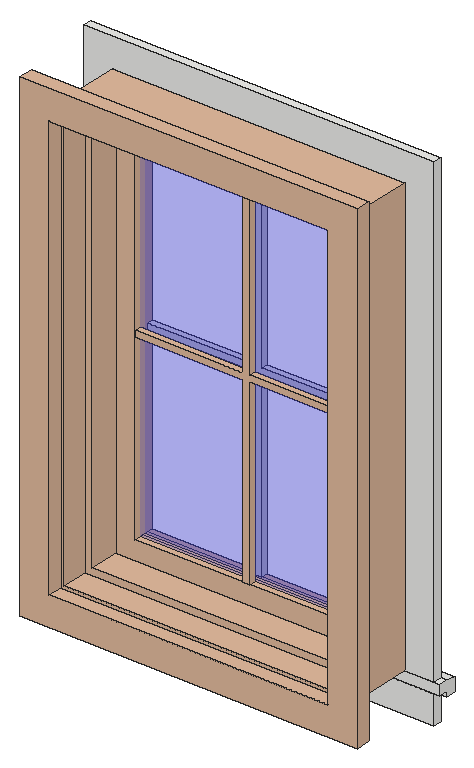
Revit family "M_Janela-batente-simples_esquerda", category Janelas, Revit 2019
Family settings
  Hospedeiro = Parede
  Número OmniClass = 23.30.20.17.21.14
  Título OmniClass = Casement Windows
  Sempre na vertical = Sim
  Corte com vazios quando carregada = Não
  Compartilhado = Não
  Ponto de cálculo do ambiente = Não
Parameters (values of type "600 x 900mm")
  Janela aplicada [instance] = 0 mm
  Espessura da parede [instance] = 150 mm
  Visual Light Transmittance = 0.81
  Resistência térmica (R) = 0.319569 (m²·K)/W
  Solar Heat Gain Coefficient = 0.76
  Largura bruta = Largura + 15 mm  # 615 mm
  Altura bruta = Altura + 15 mm  # 915 mm
  Visibilidade do montante = yes
  Padrão do montante = M_Padrão do montante_2x2 : M_Padrão do montante_2x2
  Fechamento da parede interior [instance] = 54.75 mm
  Visibilidade do recorte interior [instance] = yes
  Material da apara interior = Madeira – Manchada
  Recorte interior = M_Moldura-janela-interior-plana : Quadro
  Altura = 900 mm
  Material da moldura interior = Madeira – Manchada
  Coeficiente de transferência de calor (U) = 3.12929 W/(m²·K)
  Material do painel de vidro = Vidro
  Extensão do quadro [instance] = if(Visibilidade da apara externa, Janela aplicada + 6.35 mm, 6.35 mm)  # 6.35 mm
  Classificação de incêndio = "0.5h"
  Fechamento da parede externa [instance] = 31.75 mm
  Visibilidade da apara externa [instance] = yes
  Material da apara externa = Revestimento – Branco
  Apara externa = M_Recorte-Janela-Exterior-Plana : com peitoril
  Material da moldura exterior = Revestimento – Branco
  Visibilidade do umbral da extensão [instance] = and(Visibilidade do recorte interior, Espessura da parede - Janela aplicada > 95.25 mm)  # yes
  Umbral da extensão [instance] = if(Espessura da parede - Janela aplicada > 95.25 mm, Espessura da parede - Janela aplicada - 95.25 mm, 25.4 mm)  # 54.75 mm
  Altura-padrão do peitoril = 900 mm
  Fechamento da parede = Por hospedeiro
  Largura = 600 mm
  Código de montagem = "B2020100"
  Construção analítica = "Vidraça dupla – residencial"
Reference planes
  plane 1 "Centro (Frente/Trás)": y = 0
  plane 2: z = 0
  plane 3 "Centro (Esquerda/Direita)": x = 0
  plane 4 "Esquerda": x = -300
  plane 5 "Direita": x = 300
  plane 6 "Peitoril": z = 900
  plane 7 "Superior": z = 1800
  plane 8 "Inset Face": y = 75
  plane 9 "Fechamento da parede": y = -20.25
  plane 10 "Face do caixilho": y = 87.7
  plane 11 "Exterior": y = 75
  plane 12: x = 287.3
  plane 13: x = -287.3
  plane 14: z = 1787.3
  plane 15: z = 912.7
  plane 16: x = 230.15
  plane 17: x = -230.15
  plane 18: z = 1730.15
  plane 19: z = 969.85
  plane 20: y = 55.95
  plane 21 "Vidro": y = 65.475
  plane 22 "Meio": z = 1350
  plane 23: y = 94.05
  plane 24: y = 94.05
  plane 25 "Interior": y = -75
  plane 26 "Umbral": y = -20.25
  plane 27: y = -20.25
  plane 28: y = 43.25
  plane 29: y = 94.05
Forms (mm)
  Sweep 1, solid, material "Madeira – Manchada" <- "Material da moldura interior"
    path origin (0, 87.7, 0) x (-1, 0, 0) y (0, 0, 1)
      loop
        line (-300, 900) -> (300, 900) -> (300, 1800) -> (-300, 1800) -> (-300, 900)
    profile origin (300, 87.7, 1350) x (1, 0, 0) y (0, 1, 0)
      loop
        line (0, 6.35) -> (-12.7, 6.35) -> (-12.7, -44.45) -> (-31.75, -44.45) -> (-31.75, -107.95) -> (0, -107.95) -> (0, 6.35)
  Extrusion 2, solid, material "Madeira – Manchada" <- "Material da moldura interior", visible <- "Visibilidade do umbral da extensão"
    sketch origin (0, 0, 0) x (1, 0, 0) y (0, 0, 1)
      loop
        line (300, 1800) -> (-300, 1800) -> (-300, 900) -> (300, 900) -> (300, 1800)
      loop
        line (280.95, 919.05) -> (280.95, 1780.95) -> (-280.95, 1780.95) -> (-280.95, 919.05) -> (280.95, 919.05)
    from 20.25 to 75
  Sweep 3, solid, material "Madeira – Manchada" <- "Material da moldura interior"
    path origin (0, 87.7, 0) x (-1, 0, 0) y (0, 0, 1)
      loop
        line (-287.3, 912.7) -> (287.3, 912.7) -> (287.3, 1787.3) -> (-287.3, 1787.3) -> (-287.3, 912.7)
    profile origin (287.3, 87.7, 1350) x (1, 0, 0) y (0, 1, 0)
      loop
        line (0, 0) -> (-57.15, 0) -> (-57.15, -44.45) -> (0, -44.45) -> (0, 0)
  Extrusion 4, solid, material "Vidro"
    sketch origin (-701.675, 0, 900) x (0, -1, 0) y (1, 0, 0)
      loop
        line (-75, 471.525) -> (-68.65, 471.525) -> (-68.65, 931.825) -> (-75, 931.825) -> (-75, 471.525)
      loop
        line (-55.95, 931.825) -> (-62.3, 931.825) -> (-62.3, 471.525) -> (-55.95, 471.525) -> (-55.95, 931.825)
    from 69.85 to 830.15
Lines and regions (mm)
  Opening 1
    outline origin (-1524, -75, 0) x (1, 0, 0) y (0, 0, 1)
      loop
        line (1224, 1800) -> (1224, 900) -> (1824, 900) -> (1824, 1800) -> (1224, 1800)
  Split face 1
    outline origin (-230.15, 43.25, 969.85) x (1, 0, 0) y (0, 1, 0)
      loop
        line (0, 31.75) -> (460.3, 31.75)
  Split face 2
    outline origin (230.15, 43.25, 969.85) x (0, 0, 1) y (0, 1, 0)
      loop
        line (760.3, 31.75) -> (0, 31.75)
  Split face 3
    outline origin (-230.15, 43.25, 1730.15) x (0, 0, -1) y (0, 1, 0)
      loop
        line (760.3, 31.75) -> (0, 31.75)
  Split face 4
    outline origin (230.15, 43.25, 1730.15) x (0, 1, 0) y (-1, 0, 0)
      loop
        line (31.75, 460.3) -> (31.75, 0)
  symbolic lines, style "Giro da elevação"
    curve 1: line (-287.3, 0, 1350) -> (287.3, 0, 912.7)
    curve 2: line (-287.3, 0, 1350) -> (287.3, 0, 1787.3)
Text (mm)
  text "EXTERIOR" at (-1490.695, 1293.036, 0), in view "Nível de referência"
  text "INTERIOR" at (-1490.695, -959.266, 0), in view "Nível de referência"
  text "Exterior" at (0, 1108.87, 3129.179), in view "Esquerda"
  text "Exterior" at (0, 464.664, 3176.206), in view "Direita"
Dimensions and locks
  equal spacing: plane 4 "Esquerda", plane 3 "Centro (Esquerda/Direita)", plane 5 "Direita"
  "Largura": plane 4 "Esquerda" to plane 5 "Direita"
  "Altura": plane 6 "Peitoril" to plane 7 "Superior"
  "Altura-padrão do peitoril": plane 2 to plane 6 "Peitoril"
  locked: plane 10 "Face do caixilho" to plane 8 "Inset Face" at 12.7
  "Espessura da parede": host wall to host wall
  "Janela aplicada": plane 11 "Exterior" to plane 8 "Inset Face"
  locked: Sweep 1 sketch curve to plane 5 "Direita" at 31.75
  locked: Sweep 1 sketch curve to plane 5 "Direita" at 12.7
  locked: plane 10 "Face do caixilho" to Sweep 1 sketch curve at 44.45
  locked: plane 12 to plane 5 "Direita" at 12.7
  locked: plane 4 "Esquerda" to plane 13 at 12.7
  locked: plane 14 to plane 7 "Superior" at 12.7
  locked: plane 6 "Peitoril" to plane 15 at 12.7
  locked: plane 16 to plane 12 at 57.15
  locked: plane 13 to plane 17 at 57.15
  locked: plane 18 to plane 14 at 57.15
  locked: plane 15 to plane 19 at 57.15
  locked: Extrusion 2 sketch curve to plane 7 "Superior" at 19.05
  locked: Extrusion 2 sketch curve to plane 5 "Direita" at 19.05
  locked: Extrusion 2 sketch curve to plane 4 "Esquerda" at 19.05
  locked: plane 6 "Peitoril" to Extrusion 2 sketch curve at 19.05
  equal spacing: plane 8 "Inset Face", plane 21 "Vidro", plane 20
  locked: plane 8 "Inset Face" to plane 20 at 19.05
  equal spacing: plane 6 "Peitoril", plane 22 "Meio", plane 7 "Superior"
  locked: plane 23 to plane 11 "Exterior" at 19.05
  locked: plane 24 to plane 10 "Face do caixilho" at 6.35
  "Umbral da extensão": plane 26 "Umbral" to plane 25 "Interior"
  locked: plane 8 "Inset Face" to plane 9 "Fechamento da parede" at 95.25
  "Fechamento da parede interior": plane 27 to plane 25 "Interior"
  "Fechamento da parede externa": plane 11 "Exterior" to plane 28
  "Extensão do quadro": plane 29 to plane 10 "Face do caixilho"
  aligned and locked: plane 7 "Superior" to Opening 1 sketch curve
  aligned and locked: plane 6 "Peitoril" to Opening 1 sketch curve  (x2)
  aligned and locked: plane 5 "Direita" to Opening 1 sketch curve
  aligned and locked: plane 4 "Esquerda" to Opening 1 sketch curve
  aligned and locked: level to plane 2
  aligned and locked: host wall to plane 11 "Exterior"
  aligned and locked: plane 5 "Direita" to Sweep 1 sketch curve
  aligned and locked: plane 7 "Superior" to Sweep 1 sketch curve
  aligned and locked: Sweep 1 sketch curve to plane 4 "Esquerda"
  aligned and locked: Sweep 1 sketch curve to plane 6 "Peitoril"
  aligned and locked: Extrusion 2 sketch curve to host wall  (x3)
  aligned and locked: plane 7 "Superior" to Extrusion 2 sketch curve
  aligned and locked: host wall to Extrusion 2
  aligned and locked: plane 15 to Sweep 3 sketch curve
  aligned and locked: Sweep 3 sketch curve to plane 13
  aligned and locked: Sweep 3 sketch curve to plane 14
  aligned and locked: Extrusion 4 sketch curve to plane 8 "Inset Face"
  aligned and locked: plane 20 to Extrusion 4 sketch curve
  aligned and locked: Sweep 3 to Extrusion 4 sketch curve  (x2)
  aligned and locked: Extrusion 4 sketch curve to plane 17  (x2)
  aligned and locked: plane 15 to curve 1
  aligned and locked: plane 18 to Extrusion 4
  aligned and locked: Split face 1 sketch curve to Extrusion 4
  aligned and locked: plane 8 "Inset Face" to Split face 2 sketch curve
  aligned and locked: Split face 3 sketch curve to plane 8 "Inset Face"
  aligned and locked: Split face 4 sketch curve to plane 8 "Inset Face"
  aligned and locked: plane 25 "Interior" to host wall
  aligned and locked: plane 26 "Umbral" to Extrusion 2
  aligned and locked: plane 9 "Fechamento da parede" to Sweep 1
  aligned and locked: nested 1 to plane 4 "Esquerda"
  aligned and locked: plane 11 "Exterior" to nested 1
  aligned and locked: plane 12 to Sweep 3 sketch curve
  aligned and locked: Sweep 1 to curve 1
  aligned and locked: plane 22 "Meio" to curve 2
  aligned and locked: plane 13 to curve 2
  aligned and locked: nested 1 to plane 7 "Superior"
  aligned and locked: nested 2 to plane 21 "Vidro"
  aligned and locked: plane 19 to nested 2
  aligned and locked: plane 18 to nested 2
  aligned and locked: nested 2 to plane 16
  aligned and locked: nested 2 to plane 17
  aligned and locked: plane 7 "Superior" to nested 3
  aligned and locked: nested 3 to plane 3 "Centro (Esquerda/Direita)"
  aligned and locked: plane 7 "Superior" to nested 4
  aligned and locked: plane 3 "Centro (Esquerda/Direita)" to nested 4
  aligned and locked: plane 29 to Sweep 1 sketch curve
Automatic sketch dimensions
  Sweep 1 sketch curve to profile plane = 0 mm
  Sweep 1 sketch curve to Sweep 1 sketch curve = 63.5 mm
  Sweep 3 sketch curve to plane 10 "Face do caixilho" = 0 mm
  Sweep 3 sketch curve to profile plane = 0 mm
  profile plane to Sweep 3 sketch curve = 57.15 mm
  Sweep 3 sketch curve to plane 10 "Face do caixilho" = 44.45 mm
  plane 21 "Vidro" to Extrusion 4 sketch curve = 3.175 mm
  Extrusion 4 sketch curve to plane 21 "Vidro" = 3.175 mm
  plane 12 to curve 2 = 0 mm
  curve 2 to plane 14 = 0 mm
  Split face 1 sketch curve to Sweep 3 = 0 mm  (x2)
  Split face 2 sketch curve to Sweep 3 = 0 mm
  Sweep 3 to Split face 2 sketch curve = 0 mm
  Sweep 3 to Split face 3 sketch curve = 0 mm
  Split face 3 sketch curve to Sweep 3 = 0 mm
  Split face 4 sketch curve to Sweep 3 = 0 mm  (x2)
Nested families
  nested 1: "M_Plano-Batente" at (0, 75, 900) x (-1, 0, 0) z (0, 0, 1), Largura <- "Largura", Janela aplicada <- "Janela aplicada", Altura <- "Altura", Espessura da parede <- "Espessura da parede", type "M_Plano-Batente"
    with Janela aplicada de 3D 0 mm, Janela aplicada 0 mm, Largura 600 mm, Espessura da parede 150 mm, Linha superior yes, Linha à direita yes, RH no, Linha à esquerda yes, LH yes, Altura 900 mm, Linha inferior yes
  nested 2: "M_Padrão do montante_2x2" at (0, 65.475, 969.85), visible <- "Visibilidade do montante", Material externo <- "Material da moldura exterior", Material interior <- "Material da moldura interior", type <- "Padrão do montante", type "M_Padrão do montante_2x2"
    with Largura 460.3 mm, Material interior Madeira – Manchada, Altura 760.3 mm, Material externo Revestimento – Branco
  nested 3: "M_Recorte-Janela-Exterior-Plana" at (0, 75, 1800) x (-1, 0, 0) z (0, 1, 0), visible <- "Visibilidade da apara externa", Material da apara <- "Material da apara externa", Largura da abertura <- "Largura", Altura da abertura <- "Altura", type <- "Apara externa", type "com peitoril"
    with Material da apara Revestimento – Branco, Largura da abertura 600 mm, Altura da abertura 900 mm
  nested 4: "M_Moldura-janela-interior-plana" at (0, -75, 1800) x (1, 0, 0) z (0, -1, 0), visible <- "Visibilidade do recorte interior", Material da apara <- "Material da apara interior", Largura da abertura <- "Largura", Altura da abertura <- "Altura", type <- "Recorte interior", type "Quadro"
    with Material da apara Madeira – Manchada, Largura da abertura 600 mm, Altura da abertura 900 mm
Definition of nested family "M_Padrão do montante_2x2"
  Parameters (values of type "M_Padrão do montante_2x2")
    Largura [instance] = 1200 mm
    Espessura = 12.7 mm
    Altura [instance] = 1200 mm
    Material interior [instance] = none
    Material externo [instance] = none
    Distância = 19.05 mm
  Reference planes
    plane 1 "Centro (Frente/Trás)": y = 0
    plane 2: z = 0
    plane 3 "Centro (Esquerda/Direita)": x = 0
    plane 4: z = 1200
    plane 5: x = -600
    plane 6: x = 600
    plane 7: z = 600
    plane 8: y = 9.525
    plane 9: y = 22.225
    plane 10: y = -9.525
    plane 11: y = -22.225
  Forms (mm)
    Extrusion 1, solid, material <- "Material interior", detail levels fine
      sketch origin (0, 0, 0) x (1, 0, 0) y (0, 0, 1)
        loop
          line (-600, 606.35) -> (-600, 593.65) -> (-6.35, 593.65) -> (-6.35, 0) -> (6.35, 0) -> (6.35, 593.65) -> (600, 593.65) -> (600, 606.35) -> (6.35, 606.35) -> (6.35, 1200) -> (-6.35, 1200) -> (-6.35, 606.35) -> (-600, 606.35)
      from 9.525 to 22.225
    Extrusion 2, solid, material <- "Material externo", detail levels fine
      sketch origin (0, 0, 0) x (1, 0, 0) y (0, 0, -1)
        loop
          line (-600, -606.35) -> (-6.35, -606.35) -> (-6.35, -1200) -> (6.35, -1200) -> (6.35, -606.35) -> (600, -606.35) -> (600, -593.65) -> (6.35, -593.65) -> (6.35, 0) -> (-6.35, 0) -> (-6.35, -593.65) -> (-600, -593.65) -> (-600, -606.35)
      from 9.525 to 22.225
  Lines and regions (mm)
    model lines, detail levels medium
      curve 1: line (0, 9.525, 1200) -> (0, 9.525, 0)
      curve 2: line (-600, -9.525, 600) -> (600, -9.525, 600)
      curve 3: line (-600, 9.525, 600) -> (600, 9.525, 600)
      curve 4: line (0, -9.525, 1200) -> (0, -9.525, 0)
  Dimensions and locks
    equal spacing: plane 6, plane 3 "Centro (Esquerda/Direita)", plane 5
    "Largura": plane 6 to plane 5
    "Altura": plane 4 to plane 2
    equal spacing: plane 4, plane 7, plane 2
    locked: plane 3 "Centro (Esquerda/Direita)" to Extrusion 1 sketch curve at 6.35  (x4)
    locked: Extrusion 1 sketch curve to plane 7 at 6.35  (x2)
    locked: plane 7 to Extrusion 1 sketch curve at 6.35  (x2)
    "Espessura": plane 9 to plane 8
    "Espessura": plane 10 to plane 11
    "Distância": plane 8 to plane 10
    equal spacing: plane 8, plane 1 "Centro (Frente/Trás)", plane 10
    aligned and locked: plane 2 to level
    aligned and locked: plane 4 to curve 1
    aligned and locked: plane 5 to curve 2
    aligned and locked: plane 2 to curve 1
    aligned and locked: plane 6 to curve 2
    aligned and locked: Extrusion 1 sketch curve to plane 4
    aligned and locked: Extrusion 1 sketch curve to plane 6
    aligned and locked: Extrusion 1 sketch curve to plane 5
    aligned and locked: Extrusion 1 sketch curve to level
    aligned and locked: Extrusion 1 to plane 11
    aligned and locked: plane 10 to Extrusion 1
    aligned and locked: Extrusion 2 to plane 5
    aligned and locked: plane 6 to Extrusion 2
    aligned and locked: Extrusion 2 to plane 8
    aligned and locked: plane 9 to Extrusion 2
    aligned and locked: Extrusion 2 to plane 2
    aligned and locked: plane 4 to Extrusion 2
    aligned and locked: plane 5 to curve 3
    aligned and locked: plane 6 to curve 3
    aligned and locked: plane 4 to curve 4
    aligned and locked: plane 2 to curve 4
    aligned and locked: plane 8 to curve 3
  Automatic sketch dimensions
    curve 2 to plane 7 = 0 mm
    Extrusion 2 sketch curve to plane 5 = 0 mm
    Extrusion 2 sketch curve to level = 0 mm
    Extrusion 2 sketch curve to plane 4 = 0 mm
    Extrusion 2 sketch curve to plane 6 = 0 mm
    Extrusion 2 sketch curve to plane 3 "Centro (Esquerda/Direita)" = 6.35 mm  (x2)
    plane 3 "Centro (Esquerda/Direita)" to Extrusion 2 sketch curve = 6.35 mm  (x2)
    plane 7 to Extrusion 2 sketch curve = 6.35 mm  (x2)
    Extrusion 2 sketch curve to plane 7 = 6.35 mm  (x2)
    curve 4 to plane 3 "Centro (Esquerda/Direita)" = 0 mm
    curve 4 to level = 0 mm
    curve 4 to plane 4 = 0 mm
    curve 3 to plane 6 = 0 mm
    curve 1 to plane 3 "Centro (Esquerda/Direita)" = 0 mm
    curve 3 to plane 5 = 0 mm
    curve 3 to plane 7 = 0 mm
Definition of nested family "M_Recorte-Janela-Exterior-Plana"
  Parameters (values of type "com peitoril")
    Largura da apara = 60 mm
    Espessura da apara_Quadro = 30 mm
    Espessura da apara_com peitoril = 19.05 mm
    Material da apara [instance] = none
    Espessura do peitoril = 30 mm
    Peitoril = yes
    Quadro = no
    Largura da abertura [instance] = 600 mm
    Altura da abertura [instance] = 900 mm
    Default Elevation = 1200 mm
  Types (2, lengths in mm): name | Peitoril | Quadro
    com peitoril | yes | no
    Quadro | no | yes
  Reference planes
    plane 1 "Centro (Frente/Trás)": y = 0
    plane 2: z = 0
    plane 3 "Centro (Esquerda/Direita)": x = 0
    plane 4: y = 60
    plane 5 "Esquerda": x = -300
    plane 6 "Direita": x = 300
    plane 7 "Inferior": y = -900
    plane 8: y = -930
    plane 9: y = -980.432
    plane 10: x = 360
    plane 11: x = -360
    plane 12: z = 19.05
    plane 13: z = 30
    plane 14: x = 372.7
    plane 15: x = -372.7
    plane 16: y = -920.432
    plane 17: y = -960
    plane 18: z = 12.7
    plane 19: y = -450
    plane 20: z = 38.1
  Forms (mm)
    Extrusion 1, solid
      sketch origin (0, 0, 0) x (1, 0, 0) y (0, 1, 0)
        loop
          line (-361.95, 57.15) -> (-361.95, -993.732) -> (361.95, -993.732) -> (361.95, 57.15) -> (-361.95, 57.15)
      from 0 to -304.8
    Extrusion 2, solid, material <- "Material da apara", visible <- "Peitoril"
      sketch origin (0, 0, 0) x (1, 0, 0) y (0, 1, 0)
        loop
          line (-360, -900) -> (-300, -900) -> (-300, 0) -> (300, 0) -> (300, -900) -> (360, -900) -> (360, 60) -> (-360, 60) -> (-360, -900)
      from 0 to 19.05
    Extrusion 3, solid, material <- "Material da apara", visible <- "Peitoril"
      sketch origin (0, 0, 0) x (0, 1, 0) y (0, 0, 1)
        loop
          line (-902.458, 38.1) -> (-930, 38.1) -> (-930, 19.05) -> (-920.432, 19.05) -> (-920.432, 0) -> (-900, 0) -> (-900, 19.05) -> (-902.458, 38.1)
      from -372.7 to 372.7
    Extrusion 4, solid, material <- "Material da apara", visible <- "Peitoril"
      sketch origin (0, 0, 0) x (1, 0, 0) y (0, 1, 0)
        loop
          line (-360, -920.432) -> (-360, -980.432) -> (360, -980.432) -> (360, -920.432) -> (-360, -920.432)
      from 0 to 19.05
    Extrusion 5, solid, material <- "Material da apara", visible <- "Quadro"
      sketch origin (0, 0, 0) x (1, 0, 0) y (0, 1, 0)
        loop
          line (-300, 0) -> (-300, -900) -> (300, -900) -> (300, 0) -> (-300, 0)
        loop
          line (-360, 60) -> (-360, -960) -> (360, -960) -> (360, 60) -> (-360, 60)
      from 0 to 30
  Dimensions and locks
    equal spacing: plane 5 "Esquerda", plane 3 "Centro (Esquerda/Direita)", plane 6 "Direita"
    "Largura da abertura": plane 5 "Esquerda" to plane 6 "Direita"
    "Altura da abertura": plane 7 "Inferior" to plane 1 "Centro (Frente/Trás)"
    "Espessura do peitoril": plane 7 "Inferior" to plane 8
    "Largura da apara": plane 11 to plane 5 "Esquerda"
    "Largura da apara": plane 6 "Direita" to plane 10
    "Largura da apara": plane 1 "Centro (Frente/Trás)" to plane 4
    locked: plane 15 to plane 11 at 12.7
    locked: plane 10 to plane 14 at 12.7
    locked: plane 16 to plane 8 at 9.568
    "Largura da apara": plane 9 to plane 16
    "Largura da apara": plane 17 to plane 7 "Inferior"
    locked: plane 18 to plane 2 at 12.7
    equal spacing: plane 7 "Inferior", plane 19, plane 1 "Centro (Frente/Trás)"
    locked: plane 20 to plane 12 at 19.05
    "Espessura da apara_com peitoril": plane 12 to plane 2
    "Espessura da apara_Quadro": plane 13 to plane 2
    aligned and locked: plane 2 to Extrusion 1
    aligned and locked: level to Extrusion 1
    aligned and locked: Extrusion 2 sketch curve to plane 5 "Esquerda"
    aligned and locked: Extrusion 2 sketch curve to plane 11
    aligned and locked: plane 7 "Inferior" to Extrusion 2 sketch curve  (x2)
    aligned and locked: plane 1 "Centro (Frente/Trás)" to Extrusion 2 sketch curve
    aligned and locked: plane 10 to Extrusion 2 sketch curve
    aligned and locked: Extrusion 2 sketch curve to plane 6 "Direita"
    aligned and locked: plane 12 to Extrusion 2
    aligned and locked: Extrusion 3 sketch curve to level
    aligned and locked: plane 7 "Inferior" to Extrusion 3 sketch curve
    aligned and locked: Extrusion 3 sketch curve to plane 8
    aligned and locked: plane 15 to Extrusion 3
    aligned and locked: Extrusion 3 to plane 14
    aligned and locked: plane 10 to Extrusion 4 sketch curve
    aligned and locked: Extrusion 4 sketch curve to plane 11
    aligned and locked: plane 16 to Extrusion 4 sketch curve
    aligned and locked: plane 9 to Extrusion 4 sketch curve
    aligned and locked: Extrusion 4 to Extrusion 2
    aligned and locked: Extrusion 2 sketch curve to plane 4
    aligned and locked: plane 1 "Centro (Frente/Trás)" to Extrusion 5 sketch curve
    aligned and locked: Extrusion 5 sketch curve to plane 4
    aligned and locked: Extrusion 5 sketch curve to plane 17
    aligned and locked: plane 7 "Inferior" to Extrusion 5 sketch curve
    aligned and locked: Extrusion 5 sketch curve to plane 6 "Direita"
    aligned and locked: plane 10 to Extrusion 5 sketch curve
    aligned and locked: Extrusion 5 sketch curve to plane 5 "Esquerda"
    aligned and locked: Extrusion 5 sketch curve to plane 11
    aligned and locked: plane 13 to Extrusion 5
    aligned and locked: plane 20 to Extrusion 3
  Automatic sketch dimensions
    Extrusion 1 sketch curve to Extrusion 1 sketch curve = 723.9 mm
    Extrusion 1 sketch curve to Extrusion 1 sketch curve = 1050.882 mm
    Extrusion 3 sketch curve to plane 16 = 0 mm
    Extrusion 3 sketch curve to plane 12 = 0 mm  (x2)
    Extrusion 3 sketch curve to plane 7 "Inferior" = 2.458 mm
    plane 13 to Extrusion 3 sketch curve = 8.1 mm
Definition of nested family "M_Moldura-janela-interior-plana"
  Parameters (values of type "com peitoril")
    Espessura da apara_Quadro = 30 mm
    Largura da apara = 60 mm
    Espessura da apara_com peitoril = 20 mm
    Material da apara [instance] = none
    Espessura do peitoril = 30 mm
    Peitoril = yes
    Quadro = no
    Largura da abertura [instance] = 600 mm
    Altura da abertura [instance] = 900 mm
    Default Elevation = 1200 mm
  Types (2, lengths in mm): name | Peitoril | Quadro
    com peitoril | yes | no
    Quadro | no | yes
  Reference planes
    plane 1 "Centro (Frente/Trás)": y = 0
    plane 2: z = 0
    plane 3 "Centro (Esquerda/Direita)": x = 0
    plane 4: y = 47.3
    plane 5 "Esquerda": x = -300
    plane 6 "Direita": x = 300
    plane 7 "Inferior": y = -900
    plane 8: y = -930
    plane 9: y = -980.432
    plane 10: x = 347.3
    plane 11: x = -347.3
    plane 12: z = 20
    plane 13: z = 30
    plane 14: x = 360
    plane 15: x = -360
    plane 16: y = -920.432
    plane 17: y = -947.3
    plane 18: z = 12.7
    plane 19: x = -287.3
    plane 20: y = -12.7
    plane 21: x = 287.3
    plane 22: y = -887.3
    plane 23: x = -334.6
    plane 24: x = 334.6
    plane 25: y = -450
  Forms (mm)
    Extrusion 1, solid
      sketch origin (0, 0, 0) x (1, 0, 0) y (0, 1, 0)
        loop
          line (-349.25, 44.45) -> (-349.25, -958.85) -> (349.25, -958.85) -> (349.25, 44.45) -> (-349.25, 44.45)
      from 0 to -304.8
    Extrusion 2, solid, material <- "Material da apara", visible <- "Peitoril"
      sketch origin (0, 0, 0) x (1, 0, 0) y (0, 1, 0)
        loop
          line (-334.6, -900) -> (-287.3, -900) -> (-287.3, 0) -> (287.3, 0) -> (287.3, -900) -> (334.6, -900) -> (334.6, 47.3) -> (-334.6, 47.3) -> (-334.6, -900)
      from 0 to 20
    Extrusion 3, solid, material <- "Material da apara", visible <- "Peitoril"
      sketch origin (0, 0, 0) x (0, 1, 0) y (0, 0, 1)
        loop
          line (-912.7, 39.05) -> (-920.432, 39.05) -> (-920.432, 0) -> (-900, 0) -> (-900, 26.35)
          arc (-900, 26.35) -> (-903.72, 35.33) -> (-912.7, 39.05) r 12.7
      from -347.3 to 347.3
    Extrusion 4, solid, material <- "Material da apara", visible <- "Peitoril"
      sketch origin (0, 0, 0) x (1, 0, 0) y (0, 1, 0)
        loop
          line (-334.6, -920.432) -> (-334.6, -980.432) -> (334.6, -980.432) -> (334.6, -920.432) -> (-334.6, -920.432)
      from 0 to 20
    Extrusion 5, solid, material <- "Material da apara", visible <- "Quadro"
      sketch origin (0, 0, 0) x (1, 0, 0) y (0, 1, 0)
        loop
          line (-287.3, -12.7) -> (-287.3, -887.3) -> (287.3, -887.3) -> (287.3, -12.7) -> (-287.3, -12.7)
        loop
          line (-347.3, 47.3) -> (-347.3, -947.3) -> (347.3, -947.3) -> (347.3, 47.3) -> (-347.3, 47.3)
      from 0 to 30
  Dimensions and locks
    equal spacing: plane 5 "Esquerda", plane 3 "Centro (Esquerda/Direita)", plane 6 "Direita"
    "Largura da abertura": plane 5 "Esquerda" to plane 6 "Direita"
    "Altura da abertura": plane 7 "Inferior" to plane 1 "Centro (Frente/Trás)"
    "Espessura do peitoril": plane 7 "Inferior" to plane 8
    "Largura da apara": plane 11 to plane 19
    "Largura da apara": plane 21 to plane 10
    "Largura da apara": plane 20 to plane 4
    "Espessura da apara_com peitoril": plane 12 to plane 2
    locked: plane 15 to plane 11 at 12.7
    locked: plane 10 to plane 14 at 12.7
    locked: plane 16 to plane 8 at 9.568
    "Largura da apara": plane 9 to plane 16
    "Largura da apara": plane 17 to plane 22
    plane 20 to plane 1 "Centro (Frente/Trás)" = 12.7 mm
    plane 5 "Esquerda" to plane 19 = 12.7 mm
    plane 21 to plane 6 "Direita" = 12.7 mm
    plane 22 to plane 7 "Inferior" = 12.7 mm
    locked: plane 11 to plane 23 at 12.7
    locked: plane 24 to plane 10 at 12.7
    equal spacing: plane 7 "Inferior", plane 25, plane 1 "Centro (Frente/Trás)"
    "Espessura da apara_Quadro": plane 13 to plane 2
    locked: Extrusion 3 to plane 12 at 19.05
    locked: plane 12 to Extrusion 3 sketch curve at 19.05
    radius of Extrusion 3 sketch curve = 12.7 mm
    aligned and locked: plane 2 to Extrusion 1
    aligned and locked: level to Extrusion 1
    aligned and locked: plane 7 "Inferior" to Extrusion 2 sketch curve  (x2)
    aligned and locked: plane 1 "Centro (Frente/Trás)" to Extrusion 2 sketch curve
    aligned and locked: plane 12 to Extrusion 2
    aligned and locked: Extrusion 3 sketch curve to level
    aligned and locked: plane 7 "Inferior" to Extrusion 3 sketch curve
    aligned and locked: plane 16 to Extrusion 4 sketch curve
    aligned and locked: plane 9 to Extrusion 4 sketch curve
    aligned and locked: Extrusion 2 sketch curve to plane 4
    aligned and locked: Extrusion 5 sketch curve to plane 4
    aligned and locked: Extrusion 5 sketch curve to plane 17
    aligned and locked: plane 10 to Extrusion 5 sketch curve
    aligned and locked: Extrusion 5 sketch curve to plane 11
    aligned and locked: plane 13 to Extrusion 5
    aligned and locked: Extrusion 5 sketch curve to plane 20
    aligned and locked: Extrusion 5 sketch curve to plane 19
    aligned and locked: Extrusion 5 sketch curve to plane 21
    aligned and locked: plane 22 to Extrusion 5 sketch curve
    aligned and locked: Extrusion 4 to plane 24
    aligned and locked: plane 11 to Extrusion 3
    aligned and locked: Extrusion 3 to plane 10
    aligned and locked: Extrusion 2 sketch curve to plane 21
    aligned and locked: Extrusion 2 sketch curve to plane 24
    aligned and locked: Extrusion 2 sketch curve to plane 19
    aligned and locked: Extrusion 2 sketch curve to plane 23
    aligned and locked: plane 12 to Extrusion 4
  Automatic sketch dimensions
    Extrusion 1 sketch curve to Extrusion 1 sketch curve = 698.5 mm
    Extrusion 1 sketch curve to Extrusion 1 sketch curve = 1003.3 mm
    Extrusion 3 sketch curve to plane 16 = 0 mm
    Extrusion 4 sketch curve to plane 11 = 12.7 mm
    Extrusion 4 sketch curve to plane 24 = 0 mm
Definition of nested family "M_Plano-Batente"
  Parameters (values of type "M_Plano-Batente")
    Janela aplicada [instance] = 25 mm
    Janela aplicada de 3D [instance] = if(Janela aplicada - 12.7 mm < 0 mm, 0 mm, if(Janela aplicada - 12.7 mm < Espessura da parede - 88.9 mm, Janela aplicada - 12.7 mm, Espessura da parede - 88.9 mm))  # 12.3 mm
    Width [instance] = 1200 mm
    Espessura da parede [instance] = 150 mm
    Linha superior [instance] = yes
    Linha à direita [instance] = yes
    RH [instance] = yes
    Linha à esquerda [instance] = yes
    LH [instance] = yes
    Height [instance] = 900 mm
    Default Elevation = 1200 mm
    Linha inferior [instance] = yes
    Analytic Construction = "<Nenhum>"
  Reference planes
    plane 1 "Centro (Frente/Trás)": y = 0
    plane 2: z = 0
    plane 3 "Centro (Esquerda/Direita)": x = 0
    plane 4: x = -600
    plane 5: x = 600
    plane 6 "Umbral": y = -101.2
    plane 7: x = -587.3
    plane 8: x = -568.25
    plane 9: y = -12.3
    plane 10: y = -56.75
    plane 11: y = -34.525
    plane 12: x = -530.15
    plane 13: x = 587.3
    plane 14: x = 568.25
    plane 15: x = 530.15
    plane 16 "Janela aplicada": y = -25
    plane 17 "Parede": y = -150
    plane 18: z = 900
    plane 19: z = 887.3
    plane 20: z = 12.7
    plane 21: z = 868.25
    plane 22: z = 31.75
    plane 23: z = 830.15
    plane 24: z = 69.85
  Lines and regions (mm)
    Masking region 1
      outline origin (0, 19.05, 0) x (1, 0, 0) y (0, 1, 0)
        loop
          line (-600, -19.05) -> (-600, -169.05) -> (600, -169.05) -> (600, -19.05) -> (-600, -19.05)
    Masking region 2
      outline origin (0, 0, 0) x (0, 1, 0) y (0, 0, 1)
        loop
          line (0, 900) -> (-150, 900) -> (-150, 0) -> (0, 0) -> (0, 900)
    symbolic lines
      curve 1: line (-587.3, -56.75, 0) -> (-568.25, -56.75, 0)
      curve 2: line (-568.25, -56.75, 0) -> (-568.25, -101.2, 0)
      curve 3: line (-587.3, -12.3, 0) -> (-587.3, -56.75, 0)
      curve 4: line (-530.15, -12.3, 0) -> (-530.15, -56.75, 0)
      curve 5: line (-530.15, -56.75, 0) -> (-568.25, -56.75, 0)
      curve 6: line (-530.15, -34.525, 0) -> (530.15, -34.525, 0)
      curve 7: line (587.3, -56.75, 0) -> (568.25, -56.75, 0)
      curve 8: line (568.25, -56.75, 0) -> (568.25, -101.2, 0)
      curve 9: line (587.3, -12.3, 0) -> (587.3, -56.75, 0)
      curve 10: line (530.15, -12.3, 0) -> (530.15, -56.75, 0)
      curve 11: line (530.15, -56.75, 0) -> (568.25, -56.75, 0)
      curve 14: line (-600, -101.2, 0) -> (-568.25, -101.2, 0)
      curve 15: line (568.25, -101.2, 0) -> (600, -101.2, 0)
      curve 16: line (568.25, -101.2, 0) -> (-568.25, -101.2, 0)
      curve 17: line (0, -12.3, 887.3) -> (0, -56.75, 887.3)
      curve 18: line (0, -56.75, 868.25) -> (0, -101.2, 868.25)
      curve 19: line (0, -12.3, 12.7) -> (0, -56.75, 12.7)
      curve 20: line (0, -56.75, 12.7) -> (0, -56.75, 69.85)
      curve 21: line (0, -56.75, 31.75) -> (0, -101.2, 31.75)
      curve 22: line (0, -12.3, 900) -> (0, -12.3, 830.15)
      curve 23: line (0, -12.3, 830.15) -> (0, -56.75, 830.15)
      curve 24: line (0, -56.75, 69.85) -> (0, -12.3, 69.85)
      curve 25: line (0, -34.525, 69.85) -> (0, -34.525, 830.15)
      curve 28: line (0, -56.75, 887.3) -> (0, -56.75, 830.15)
      curve 29: line (530.15, -12.3, 0) -> (600, -12.3, 0)
      curve 30: line (-530.15, -12.3, 0) -> (-600, -12.3, 0)
      curve 31: line (0, -12.3, 69.85) -> (0, -12.3, 0)
      curve 32: line (-530.15, -12.3, 0) -> (530.15, -12.3, 0)
      curve 33: line (0, -12.3, 830.15) -> (0, -12.3, 69.85)
      curve 38: line (0, -101.2, 31.75) -> (0, -101.2, 868.25)
      curve 39: line (0, -101.2, 31.75) -> (0, -101.2, 0)
      curve 40: line (0, -101.2, 900) -> (0, -101.2, 868.25)
    symbolic lines, visible <- "RH"
      curve 12: arc (-587.3, -12.3, 0) -> (-497.889, 437.2, 0) -> (-243.268, 818.268, 0) r 1174.6
      curve 26: line (587.3, -12.3, 0) -> (-243.268, 818.268, 0)
    symbolic lines, visible <- "LH"
      curve 13: line (-587.3, -12.3, 0) -> (243.268, 818.268, 0)
      curve 27: arc (587.3, -12.3, 0) -> (497.889, 437.2, 0) -> (243.268, 818.268, 0) r 1174.6
    symbolic lines, visible <- "Linha à direita"
      curve 34: line (600, 0, 0) -> (600, -150, 0)
    symbolic lines, visible <- "Linha à esquerda"
      curve 35: line (-600, 0, 0) -> (-600, -150, 0)
    symbolic lines, visible <- "Linha superior"
      curve 36: line (0, 0, 900) -> (0, -150, 900)
    symbolic lines, visible <- "Linha inferior"
      curve 37: line (0, 0, 0) -> (0, -150, 0)
  Dimensions and locks
    "Width": plane 4 to plane 5
    equal spacing: plane 4, plane 3 "Centro (Esquerda/Direita)", plane 5
    plane 4 to plane 7 to plane 8 = 12.7 mm locked, 19.05 mm locked
    equal spacing: plane 9, plane 11, plane 10
    locked: plane 7 to plane 12 at 57.15
    plane 5 to plane 13 to plane 14 = 12.7 mm locked, 19.05 mm locked
    locked: plane 13 to plane 15 at 57.15
    locked: plane 9 to plane 16 "Janela aplicada" at 12.7
    locked: plane 9 to plane 10 at 44.45
    "Espessura da parede": plane 17 "Parede" to plane 1 "Centro (Frente/Trás)"
    "Height": plane 18 to plane 2
    locked: plane 18 to plane 19 at 12.7
    locked: plane 20 to plane 2 at 12.7
    locked: plane 19 to plane 21 at 19.05
    locked: plane 22 to plane 20 at 19.05
    locked: plane 19 to plane 23 at 57.15
    locked: plane 24 to plane 20 at 57.15
    locked: plane 10 to plane 6 "Umbral" at 44.45
    "Janela aplicada de 3D": plane 9 to plane 1 "Centro (Frente/Trás)"
    locked: plane 9 to curve 13 (angle 45.00°)
    angle curve 26 to plane 16 "Janela aplicada" = 45.00°
    aligned and locked: plane 2 to level
    aligned and locked: curve 2 to plane 8
    aligned and locked: curve 1 to plane 10
    aligned and locked: plane 14 to curve 8
    aligned and locked: curve 14 to plane 6 "Umbral"
    aligned and locked: curve 15 to plane 6 "Umbral"
    aligned and locked: plane 21 to curve 18
    aligned and locked: plane 19 to curve 17
    aligned and locked: plane 22 to curve 21
    aligned and locked: plane 10 to curve 20
    aligned and locked: plane 20 to curve 19
    aligned and locked: curve 22 to plane 9
    aligned and locked: plane 23 to curve 23
    aligned and locked: curve 24 to plane 24
    aligned and locked: plane 11 to curve 25
    aligned and locked: plane 13 to curve 27
    aligned and locked: plane 9 to curve 13
    aligned and locked: plane 9 to curve 26
    aligned and locked: plane 5 to curve 29
    aligned and locked: plane 18 to curve 22
    aligned and locked: plane 9 to curve 17
    aligned and locked: plane 9 to curve 19
    aligned and locked: plane 9 to curve 3
    aligned and locked: plane 9 to curve 9
    aligned and locked: curve 28 to plane 10
    aligned and locked: plane 19 to curve 28
    aligned and locked: plane 23 to curve 28
    aligned and locked: plane 4 to curve 30
    aligned and locked: plane 9 to curve 31
    aligned and locked: plane 2 to curve 31
    aligned and locked: curve 32 to plane 9
    aligned and locked: plane 12 to curve 32
    aligned and locked: plane 15 to curve 32
    aligned and locked: plane 24 to curve 33
    aligned and locked: plane 1 "Centro (Frente/Trás)" to curve 34
    aligned and locked: plane 17 "Parede" to curve 34
    aligned and locked: curve 34 to plane 5
    aligned and locked: plane 17 "Parede" to curve 35
    aligned and locked: plane 1 "Centro (Frente/Trás)" to curve 35
    aligned and locked: curve 35 to plane 4
    aligned and locked: plane 17 "Parede" to curve 37
    aligned and locked: plane 1 "Centro (Frente/Trás)" to curve 37
    aligned and locked: curve 37 to plane 2
    aligned and locked: plane 17 "Parede" to curve 36
    aligned and locked: plane 1 "Centro (Frente/Trás)" to curve 36
    aligned and locked: curve 36 to plane 18
    aligned and locked: plane 1 "Centro (Frente/Trás)" to Masking region 1 sketch curve
    aligned and locked: plane 17 "Parede" to Masking region 1 sketch curve
    aligned and locked: plane 4 to Masking region 1 sketch curve
    aligned and locked: Masking region 1 sketch curve to plane 5
    aligned and locked: plane 2 to Masking region 2 sketch curve
    aligned and locked: Masking region 2 sketch curve to plane 18
    aligned and locked: plane 1 "Centro (Frente/Trás)" to Masking region 2 sketch curve
    aligned and locked: plane 17 "Parede" to Masking region 2 sketch curve
    aligned and locked: plane 6 "Umbral" to curve 21
    aligned and locked: plane 6 "Umbral" to curve 18
    aligned and locked: plane 10 to curve 18
    aligned and locked: plane 10 to curve 21
    aligned and locked: plane 22 to curve 39
    aligned and locked: plane 21 to curve 40
    aligned and locked: plane 6 "Umbral" to curve 40
  Automatic sketch dimensions
    curve 3 to plane 7 = 0 mm
    curve 27 to plane 7 = 0 mm
    curve 12 to plane 13 = 0 mm
    curve 7 to plane 10 = 0 mm
    curve 6 to plane 11 = 0 mm
Types in the file's own list only (29): name | Transmissão de luz visual | Resistência térmica (R) | Coeficiente de ganho de calor solar | Largura bruta | Altura bruta | Visibilidade do montante | Padrão do montante | Altura | Coeficiente de transferência de calor (U) | Largura
  450 x 600mm | 0.81 | 0.3196 (m²·K)/W | 0.76 | 465 mm | 615 mm | Sim | M_Padrão do montante_2x2 | 600 mm | 3.1293 W/(m²·K) | 450 mm
  450 x 750mm | 0.81 | 0.3196 (m²·K)/W | 0.76 | 465 mm | 765 mm | Sim | M_Padrão do montante_2x2 | 750 mm | 3.1293 W/(m²·K) | 450 mm
  450 x 900mm | 0.81 | 0.3196 (m²·K)/W | 0.76 | 465 mm | 915 mm | Sim | M_Padrão do montante_2x2 | 900 mm | 3.1293 W/(m²·K) | 450 mm
  450 x 1050mm | 0.81 | 0.3196 (m²·K)/W | 0.76 | 465 mm | 1065 mm | Sim | M_Padrão do montante_2x2 | 1050 mm | 3.1293 W/(m²·K) | 450 mm
  450 x 1200mm | 0.81 | 0.3196 (m²·K)/W | 0.76 | 465 mm | 1215 mm | Sim | M_Padrão do montante_2x2 | 1200 mm | 3.1293 W/(m²·K) | 450 mm
  450 x 1350mm | 0.81 | 0.3196 (m²·K)/W | 0.76 | 465 mm | 1365 mm | Sim | M_Padrão do montante_2x2 | 1350 mm | 3.1293 W/(m²·K) | 450 mm
  450 x 1500mm | 0.81 | 0.3196 (m²·K)/W | 0.76 | 465 mm | 1515 mm | Sim | M_Padrão do montante_2x2 | 1500 mm | 3.1293 W/(m²·K) | 450 mm
  450 x 1650mm | 0.81 | 0.3196 (m²·K)/W | 0.76 | 465 mm | 1665 mm | Sim | M_Padrão do montante_2x2 | 1650 mm | 3.1293 W/(m²·K) | 450 mm
  600 x 600mm | 0.81 | 0.3196 (m²·K)/W | 0.76 | 615 mm | 615 mm | Sim | M_Padrão do montante_2x2 | 600 mm | 3.1293 W/(m²·K) | 600 mm
  600 x 750mm | 0.81 | 0.3196 (m²·K)/W | 0.76 | 615 mm | 765 mm | Sim | M_Padrão do montante_2x2 | 750 mm | 3.1293 W/(m²·K) | 600 mm
  600 x 1050mm | 0.81 | 0.3196 (m²·K)/W | 0.76 | 615 mm | 1065 mm | Sim | M_Padrão do montante_2x2 | 1050 mm | 3.1293 W/(m²·K) | 600 mm
  600 x 1200mm | 0.81 | 0.3196 (m²·K)/W | 0.76 | 615 mm | 1215 mm | Sim | M_Padrão do montante_2x2 | 1200 mm | 3.1293 W/(m²·K) | 600 mm
  600 x 1350mm | 0.81 | 0.3196 (m²·K)/W | 0.76 | 615 mm | 1365 mm | Sim | M_Padrão do montante_2x2 | 1350 mm | 3.1293 W/(m²·K) | 600 mm
  600 x 1500mm | 0.81 | 0.3196 (m²·K)/W | 0.76 | 615 mm | 1515 mm | Sim | M_Padrão do montante_2x2 | 1500 mm | 3.1293 W/(m²·K) | 600 mm
  600 x 1650mm | 0.81 | 0.3196 (m²·K)/W | 0.76 | 615 mm | 1665 mm | Sim | M_Padrão do montante_2x2 | 1650 mm | 3.1293 W/(m²·K) | 600 mm
  750 x 600mm | 0.81 | 0.3196 (m²·K)/W | 0.76 | 765 mm | 615 mm | Sim | M_Padrão do montante_2x2 | 600 mm | 3.1293 W/(m²·K) | 750 mm
  750 x 750mm | 0.81 | 0.3196 (m²·K)/W | 0.76 | 765 mm | 765 mm | Sim | M_Padrão do montante_2x2 | 750 mm | 3.1293 W/(m²·K) | 750 mm
  750 x 900mm | 0.81 | 0.3196 (m²·K)/W | 0.76 | 765 mm | 915 mm | Sim | M_Padrão do montante_2x2 | 900 mm | 3.1293 W/(m²·K) | 750 mm
  750 x 1050mm | 0.81 | 0.3196 (m²·K)/W | 0.76 | 765 mm | 1065 mm | Sim | M_Padrão do montante_2x2 | 1050 mm | 3.1293 W/(m²·K) | 750 mm
  750 x 1200mm | 0.81 | 0.3196 (m²·K)/W | 0.76 | 765 mm | 1215 mm | Sim | M_Padrão do montante_2x2 | 1200 mm | 3.1293 W/(m²·K) | 750 mm
  750 x 1350mm | 0.81 | 0.3196 (m²·K)/W | 0.76 | 765 mm | 1365 mm | Sim | M_Padrão do montante_2x2 | 1350 mm | 3.1293 W/(m²·K) | 750 mm
  750 x 1500mm | 0.81 | 0.3196 (m²·K)/W | 0.76 | 765 mm | 1515 mm | Sim | M_Padrão do montante_2x2 | 1500 mm | 3.1293 W/(m²·K) | 750 mm
  750 x 1650mm | 0.81 | 0.3196 (m²·K)/W | 0.76 | 765 mm | 1665 mm | Sim | M_Padrão do montante_2x2 | 1650 mm | 3.1293 W/(m²·K) | 750 mm
  900 x 900mm | 0.81 | 0.3196 (m²·K)/W | 0.76 | 915 mm | 915 mm | Sim | M_Padrão do montante_2x2 | 900 mm | 3.1293 W/(m²·K) | 900 mm
  900 x 1050mm | 0.81 | 0.3196 (m²·K)/W | 0.76 | 915 mm | 1065 mm | Sim | M_Padrão do montante_2x2 | 1050 mm | 3.1293 W/(m²·K) | 900 mm
  900 x 1200mm | 0.81 | 0.3196 (m²·K)/W | 0.76 | 915 mm | 1215 mm | Sim | M_Padrão do montante_2x2 | 1200 mm | 3.1293 W/(m²·K) | 900 mm
  900 x 1350mm | 0.81 | 0.3196 (m²·K)/W | 0.76 | 915 mm | 1365 mm | Sim | M_Padrão do montante_2x2 | 1350 mm | 3.1293 W/(m²·K) | 900 mm
  900 x 1500mm | 0.81 | 0.3196 (m²·K)/W | 0.76 | 915 mm | 1515 mm | Sim | M_Padrão do montante_2x2 | 1500 mm | 3.1293 W/(m²·K) | 900 mm
  900 x 1650mm | 0.81 | 0.3196 (m²·K)/W | 0.76 | 915 mm | 1665 mm | Sim | M_Padrão do montante_2x2 | 1650 mm | 3.1293 W/(m²·K) | 900 mm
